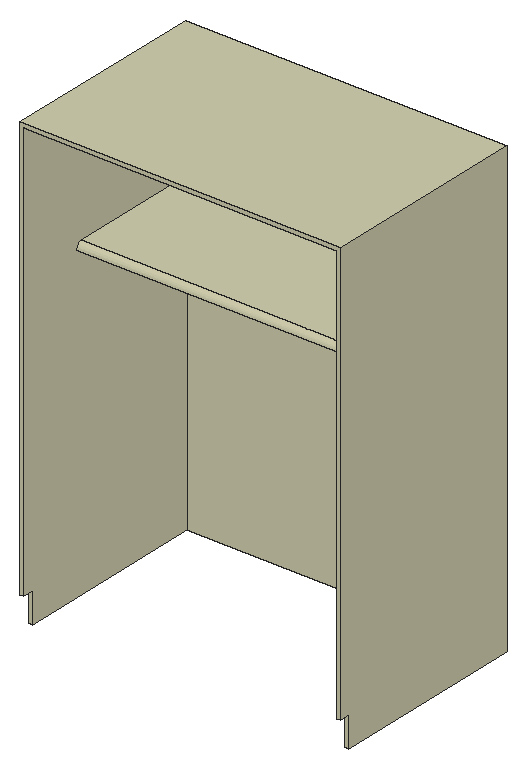
Revit family "Wenger Cabinet 17", category Furniture, Revit 2011
Parameters (values of type "Standard Cabinet #17")
  URL = "http://www.wengercorp.com/Home/Contact.html"
  Toekick Material [instance] = none
  RH End Panel [instance] = no
  Model = "17"
  Manufacturer = "Wenger Corporation"
  LH End Panel [instance] = no
  End Panel Material [instance] = none
  Edge Banding Material [instance] = none
  Door Material [instance] = none
  Description = "Standard Cabinet #17"
  Cabinet Width = 60 1/2"
  Cabinet Label = Labels : Standard
  Cabinet Height = 85 5/8"
  Cabinet Depth = 39 1/4"
  Cabinet Back Thickness = 3/4"
  Assembly Code = ""
Types (2): name | Model | Description | Cabinet Label | Cabinet Depth | Cabinet Back Thickness
  Standard Cabinet #17 | "17" | "Standard Cabinet #17" | Labels : Standard | 39 1/4" | 3/4"
  Acoustic Cabinet #17 | "17A" | "Acoustic Cabinet #17" | Labels : Acoustic | 41 3/4" | 3 1/4"
Reference planes (in)
  plane 1 "Front": y = 0
  plane 2: z = 0
  plane 3 "Left": x = 0
  plane 4 "Right": x = 60.5
  plane 5 "Back": y = 39.25
  plane 6 "Top": z = 85.625
  plane 7: z = 5.625
  plane 8: z = 58.875
  plane 9: x = 0.75
  plane 10: x = 59.75
  plane 11: z = 84.875
  plane 12: y = 38.5
  plane 13: y = 2
  plane 14: z = 60
  plane 15: z = 6.75
  plane 16: y = 13.5625
  plane 17: y = 12.3125
Forms (in)
  Extrusion 1, solid, material "Wenger - Oyster"
    sketch origin (0, 0, 0) x (0, 1, 0) y (0, 0, 1)
      loop
        line (0, 85.625) -> (0, 5.625) -> (2, 5.625) -> (2, 0) -> (39.25, 0) -> (39.25, 85.625) -> (0, 85.625)
    from 0 to 60.5
  Extrusion 2, void
    sketch origin (0, 0, 0) x (0, 1, 0) y (0, 0, 1)
      loop
        line (-5.5, 84.875) -> (-5.5, -3.5) -> (38.5, -3.5) -> (38.5, 58.875) -> (12.3125, 58.875)
        arc (12.3125, 58.875) -> (12.69407, 59.65661) -> (13.49319, 60) r 1.24983
        line (13.49319, 60) -> (38.5, 60) -> (38.5, 84.875) -> (-5.5, 84.875)
    from 0.75 to 59.75
Cuts and joins
  Extrusion 2 cuts Extrusion 1
Lines and regions (in)
  symbolic lines
    curve 1: line (0, 39.25, 0) -> (60.5, 39.25, 0)
    curve 2: line (0, 0, 0) -> (0, 39.25, 0)
    curve 3: line (60.5, 0, 0) -> (0, 0, 0)
    curve 4: line (60.5, 39.25, 0) -> (60.5, 0, 0)
Dimensions and locks (in)
  locked: plane 3 "Left" to plane 9 at 0.75
  locked: plane 10 to plane 4 "Right" at 0.75
  "Cabinet Back Thickness": plane 5 "Back" to plane 12
  locked: plane 1 "Front" to plane 13 at 2
  locked: plane 14 to plane 8 at 1.125
  locked: plane 6 "Top" to plane 11 at 0.75
  plane 11 to plane 8 to plane 7 = 26", 53 1/4"
  locked: plane 15 to plane 7 at 1.125
  plane 10 to plane 3 "Left" = 59 3/4"
  "Cabinet Width": plane 3 "Left" to plane 4 "Right"
  locked: plane 7 to level at 5.625
  "Cabinet Height": plane 6 "Top" to level
  "Cabinet Depth": plane 1 "Front" to plane 5 "Back"
  plane 9 to plane 10 = 59"
  plane 11 to plane 7 = 79 1/4"
  locked: plane 17 to plane 16 at 1.25
  plane 17 to plane 12 = 26 3/16"
  aligned and locked: Extrusion 1 sketch curve to plane 6 "Top"
  aligned and locked: Extrusion 1 sketch curve to plane 5 "Back"
  aligned and locked: Extrusion 1 sketch curve to plane 1 "Front"
  aligned and locked: Extrusion 1 sketch curve to plane 7
  aligned and locked: Extrusion 1 sketch curve to plane 13
  aligned and locked: Extrusion 1 sketch curve to level
  aligned and locked: Extrusion 1 to plane 4 "Right"
  aligned and locked: Extrusion 1 to plane 3 "Left"
  aligned and locked: Extrusion 2 sketch curve to plane 11
  aligned and locked: Extrusion 2 sketch curve to plane 14
  aligned and locked: Extrusion 2 sketch curve to plane 8
  aligned and locked: Extrusion 2 to plane 9
  aligned and locked: plane 3 "Left" to curve 2
  aligned and locked: curve 1 to plane 5 "Back"
  aligned and locked: plane 4 "Right" to curve 4
  aligned and locked: curve 3 to plane 1 "Front"
  aligned and locked: Extrusion 2 to plane 10
Automatic sketch dimensions
  Extrusion 2 sketch curve to plane 17 = 0"
  plane 16 to Extrusion 2 sketch curve = 0.06931"
  Extrusion 2 sketch curve to plane 12 = 0"  (x2)
  plane 1 "Front" to Extrusion 2 sketch curve = 5 1/2"
  plane 16 to Extrusion 2 sketch curve = 0.00626"
  Extrusion 2 sketch curve to level = 3 1/2"
Nested families (in)
  nested 1: "LH End Panel" at (0, 24.25, 0) x (0, -1, 0) z (0, 0, 1), End Panel Material <- "End Panel Material", visible <- "LH End Panel", Edge Banding Material <- "Edge Banding Material", type "20x84 LH"
    with End Panel Material none, Edge Banding Material none, End Panel Depth 39 1/4"
  nested 2: "RH End Panel" at (61.25, 24.25, 0) x (0, -1, 0) z (0, 0, 1), End Panel Material <- "End Panel Material", visible <- "RH End Panel", Edge Banding Material <- "Edge Banding Material", type "20x84 RH"
    with End Panel Material none, Edge Banding Material none, End Panel Depth 39 1/4"
  nested 3: "Labels" at (30.25, 19.77973, 0), type <- "Cabinet Label", type "Standard"
  nested 4: "Front Note" at (30.25, 0.75, 0), type "Front Note", detail levels medium+fine
Definition of nested family "LH End Panel"
  Parameters (values of type "20x84 LH")
    End Panel Material [instance] = none
    End Panel Height = 85 5/8"
    End Panel Depth = 19 1/4"
    Edge Banding Material [instance] = none
    Default Elevation = 48"
    Assembly Code = ""
  Reference planes (in)
    plane 1 "Center (Front/Back)": y = 0
    plane 2: z = 0
    plane 3 "Center (Left/Right)": x = 0
    plane 4: x = -15
    plane 5: x = 4.25
    plane 6: z = 5.625
    plane 7: x = 2.25
    plane 8: z = 85.625
    plane 9: y = -0.75
  Forms (in)
    Extrusion 1, solid, material <- "End Panel Material"
      sketch origin (0, 0, 0) x (1, 0, 0) y (0, 0, 1)
        loop
          line (-15, 85.625) -> (-15, 0) -> (2.25, 0) -> (2.25, 5.625) -> (4.25, 5.625) -> (4.25, 85.625) -> (-15, 85.625)
      from 0 to 0.75
  Dimensions and locks (in)
    locked: plane 7 to plane 5 at 2
    locked: plane 6 to level at 5.625
    "End Panel Height": plane 8 to level
    "End Panel Depth": plane 5 to plane 4
    locked: plane 9 to plane 1 "Center (Front/Back)" at 0.75
    aligned and locked: plane 4 to Extrusion 1 sketch curve
    aligned and locked: level to Extrusion 1 sketch curve
    aligned and locked: plane 7 to Extrusion 1 sketch curve
    aligned and locked: plane 6 to Extrusion 1 sketch curve
    aligned and locked: Extrusion 1 sketch curve to plane 5
    aligned and locked: Extrusion 1 sketch curve to plane 8
    aligned and locked: Extrusion 1 to plane 9
    aligned and locked: Extrusion 1 to plane 1 "Center (Front/Back)"
Definition of nested family "RH End Panel"
  Parameters (values of type "20x84 RH")
    End Panel Material [instance] = none
    End Panel Height = 85 5/8"
    End Panel Depth = 19 1/4"
    Edge Banding Material [instance] = none
    Default Elevation = 48"
    Assembly Code = ""
  Reference planes (in)
    plane 1 "Center (Front/Back)": y = 0
    plane 2: z = 0
    plane 3 "Center (Left/Right)": x = 0
    plane 4: x = -15
    plane 5: x = 4.25
    plane 6: z = 5.625
    plane 7: x = 2.25
    plane 8: z = 85.625
    plane 9: y = -0.75
  Forms (in)
    Extrusion 1, solid, material <- "End Panel Material"
      sketch origin (0, 0, 0) x (1, 0, 0) y (0, 0, 1)
        loop
          line (-15, 85.625) -> (-15, 0) -> (2.25, 0) -> (2.25, 5.625) -> (4.25, 5.625) -> (4.25, 85.625) -> (-15, 85.625)
      from 0 to 0.75
  Dimensions and locks (in)
    locked: plane 7 to plane 5 at 2
    locked: plane 6 to level at 5.625
    "End Panel Height": plane 8 to level
    "End Panel Depth": plane 5 to plane 4
    locked: plane 9 to plane 1 "Center (Front/Back)" at 0.75
    aligned and locked: plane 4 to Extrusion 1 sketch curve
    aligned and locked: level to Extrusion 1 sketch curve
    aligned and locked: plane 7 to Extrusion 1 sketch curve
    aligned and locked: plane 6 to Extrusion 1 sketch curve
    aligned and locked: Extrusion 1 sketch curve to plane 5
    aligned and locked: Extrusion 1 sketch curve to plane 8
    aligned and locked: Extrusion 1 to plane 9
    aligned and locked: Extrusion 1 to plane 1 "Center (Front/Back)"
Definition of nested family "Labels"
  Parameters (values of type "Standard")
    Cabinet Label = "01"
  Types (4): name | Cabinet Label
    Standard | "01"
    Narrow | "01N"
    Narrow Acoustic | "01NA"
    Acoustic | "01A"
  Reference planes (in)
    plane 1: y = 0
    plane 2: x = 0
  Text (in)
    label "xxxx" at (-0.00018, 0.00754, 0), shows "Cabinet Label"
Definition of nested family "Front Note"
  Parameters (values of type "Front Note")
    Cabinet Label = "Front"
  Reference planes (in)
    plane 1: y = 0
    plane 2: x = 0
  Text (in)
    label "Front" at (-0.00018, 0.00754, 0), shows "Cabinet Label"
